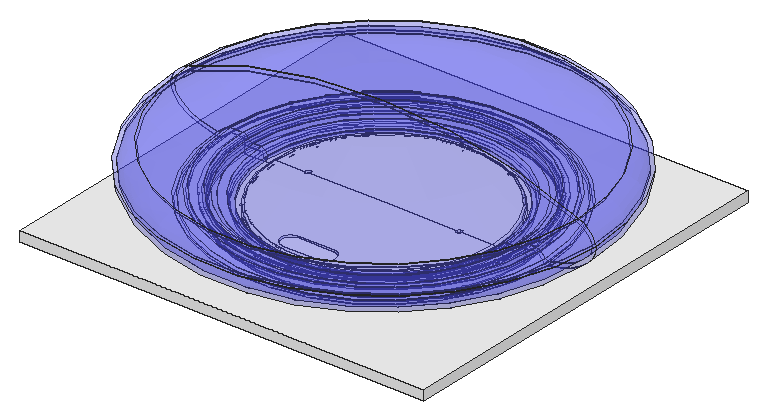
Revit family "BE_12163_de_DE", category Leuchten, Revit 2020
Family settings
  Basisbauteil = Fläche
  Bemaßung runder Anschluss = Durchmesser verwenden
  Teiletyp = Normal
  Beim Laden mit Abzugskörper schneiden = Ja
  Lichtquelle = Ja
  Gemeinsam genutzt = Nein
  Raumberechnungspunkt = Ja
Parameters (values of type "BEGA_12163_K3")
  built-in parameter 1150104 = 12.096 (stored number, unit not read)
  Wattage = 25.2 W
  Default Elevation = 0 mm
  built-in parameter 1150113 = 1 (stored number, unit not read)
  built-in parameter 1114218 = 1 (stored number, unit not read)
  Umgebungstemperatur = "25 °C"
  URL = "http://www.bega.de/de/produkt/12163"
  Typenkommentare = "© 2022 BEGA. Wir behalten uns das Recht vor, technische Änderungen ohne vorherige Ankündigung vorzunehmen."  # constant formula
  built-in parameter 1150134 = 12
  built-in parameter 1150109 = 1 (stored number, unit not read)
  Strom = ""
  built-in parameter 1150110 = 1 (stored number, unit not read)
  Spannung = 239.996 V
  Sonderanfertigung = no
  Seriennummer [instance] = "Hier können Sie die eindeutige Seriennummer für das Facility Management eintragen."
  Schutzklasse = "I"
  Schutzart = "IP 20"
  Scheinlast = 0 VA
  Produktdatenblatt = "http://www.bega.de/download/Xrfa/db/12163.db.de.pdf"
  Oberflächentemperatur = ""
  Neigungswinkel = 0.00°
  Model = "12163K4"
  Material_17 = BEGA_Reflektor
  Material_15 = BEGA_Leuchtmedium_matt
  Material_11 = BEGA_Glas_opal
  Material_09 = BEGA_Glas_klar
  Material_06 = BEGA_Oberfläche_Edelstahl_gebürstet
  Material_05 = BEGA_Oberfläche_Aluminium Guss
  Material_03 = BEGA_Oberfläche_Weiss_matt
  Material_02 = BEGA_Oberfläche_Silber_matt
  Material_01 [instance] = BEGA_Oberfläche_Grafit_matt
  M_W = no
  M_G = no
  M_A = no
  Logo = 0
  built-in parameter 1114217 = 1 (stored number, unit not read)
  built-in parameter 1150139 = (empty or 0)
  built-in parameter 1150105 = 945.39 (stored number, unit not read)
  built-in parameter 1150114 = 1 (stored number, unit not read)
  Lumens = 3281.04 lm
  built-in parameter 1150115 = 1 (stored number, unit not read)
  Leuchtenlichtstrom = "2205 lm"
  Leuchtenanzahl = ""
  Lebensdauerkriterien = "L70B50 @ 25 °C = 165000 h"
  Lastklassifizierung = Beleuchtung
  built-in parameter 1150112 = 1 (stored number, unit not read)
  Lampenlichtstrom = "3280 lm"
  Lamp = "LED 25.2 W"
  LED_Modulbezeichnung = "LED-0530/940"
  built-in parameter 1150142 = (empty or 0)
  Hersteller = "BEGA"  # constant formula
  Halbstreuwinkel = ""
  Gewicht = "5.1 kg"
  Gebrauchslageneinschränkung [instance] = ""
  Frequenz = "0/50-60 Hz"
  Farbwiedergabeindex = "CRI > 90"
  Farbtemperaturverschiebung bei Dämpfen der Lampe = <Keine Auswahl>
  Farbtemperatur = "4000 K"
  Color Filter = 16777215
  built-in parameter 1150133 = 10 (stored number, unit not read)
  Energieeffizienzklasse = "LED A++ - A"
  built-in parameter 1150137 = (empty or 0)
  built-in parameter 1150132 = (empty or 0)
  ENEC = "ja"
  Dimmbar [instance] = "DALI"
  Photometric Web File = "BE_12163K4.IES"
  CE_Konformität = "ja"
  Bestellnummer = "12163K4"
  Beschreibung_Sonderanfertigung = "Hier können Sie Informationen zur Sonderanfertigung eintragen."
  Beschreibung = "Decken- und Wandleuchte"
  built-in parameter 1150106 = 9.4539 (stored number, unit not read)
  Befestigungsbohrung = "Ø 5,5 mm"
  Befestigungsabstand = "150 mm"
  Ballwurfsicher = ""
  BEGA_Intern_aus = yes
  BEGA_Intern_an = yes
  BEGA_Intern_Konstruktion = yes
  BEGA_Intern = yes
  BEGA_IES = yes
  BEGA_Dummy = no
  Anschlussleitung = ""
  Anschlussleistung [instance] = "29.4 W"
  Anschlusskasten = ""
  built-in parameter 1150107 = 4000 (stored number, unit not read)
  built-in parameter 1150102 = (empty or 0)
  built-in parameter 1150138 = (empty or 0)
  Aktualisierung = "2019-07-05T04:00:16"
  Abstand_zur_angestrahlten_Fläche [instance] = ""
  AC/DC = "AC/DC"
Reference planes
  plane 1 "Mitte (Vorne/Hinten)": y = 0
  plane 2: z = 0
  plane 3 "Mitte (Links/Rechts)": x = 0
  plane 4 "Links": x = -210.215
  plane 5 "Rechts": x = 210.215
  plane 6 "Unten": y = -210.2
  plane 7 "Oben": y = 210.2
  plane 8 "Vorne": z = 97.74
  plane 9 "Hinten": z = 0
Forms (mm)
  Extrusion 1, solid, material "BEGA_Platte_Weiss"
    sketch origin (0, -1119.2, 0) x (1, 0, 0) y (0, 1, 0)
      loop
        line (-200, 1319.2) -> (-200, 919.2) -> (200, 919.2) -> (200, 1319.2) -> (-200, 1319.2)
    from 0 to -10
  Extrusion 2, solid, material "BEGA_Dummy_matt", visible <- "BEGA_Dummy"
    sketch origin (77.149, -76.023, 0) x (1, 0, 0) y (0, 1, 0)
      loop
        circle (-77.149, 76.023) r 210
    from 0 to 97.74
Dimensions and locks
  plane 1 "Mitte (Vorne/Hinten)" to Extrusion 1 = 200 mm
  aligned and locked: plane 2 to Extrusion 1
  aligned and locked: level to Extrusion 1
Nested families
  nested 1: "BE_12163" at (0, 0, 0), type "BE_12163"
Connectors
  electrical at (0, 0, 0), driven by "Lastklassifizierung", driven by "Spannung", driven by "Scheinlast"
    settings: index 1, voltage 239.996 V, apparent load 0 VA, apparent load phase1 0 VA, apparent load phase2 0 VA, apparent load phase3 0 VA, power factor 1, load classification "Beleuchtung", number of poles 1, system type 31, power factor state 1, is connector primary yes, connector utility no, sub classification motor no, connector description ""
Definition of nested family "BE_12163"
  Parameters (values of type "BE_12163")
    Default Elevation = 1 mm
    URL = "http://www.bega.de/de/produkt"
    Type Comments = "© 2015 BEGA. Wir behalten uns das Recht vor, technische Änderungen ohne vorherige Ankündigung vorzunehmen. "  # constant formula
    Type Image = (empty or 0)
    Neigungswinkel_um_Z2 = 0.00°
    Neigungswinkel_um_Z1 = 0.00°
    Neigungswinkel_um_Y2 = 0.00°
    Neigungswinkel_um_Y1 = 0.00°
    Neigungswinkel_um_X2 = 0.00°
    Neigungswinkel_um_X1 = 0.00°
    Material_17 = none
    Material_15 = none
    Material_11 = none
    Material_09 = none
    Material_06 = none
    Material_05 = none
    Material_03 = none
    Material_02 = none
    Material_01 = none
    M_W = yes
    M_G = yes
    M_A = yes
    Länge_Platte = 500 mm  # constant formula
    Höhe_Platte = -10 mm  # constant formula
    Manufacturer = "BEGA"  # constant formula
    Drehwinkel_um_Z2 = 0.00°
    Drehwinkel_um_Z1 = 0.00°
    Breite_Platte = 500 mm  # constant formula
  Reference planes
    plane 1 "Mitte (Oben/Unten)": y = 0
    plane 2: z = 0
    plane 3 "Mitte (Links/Rechts)": x = 0
    plane 4: x = -210.215
    plane 5: z = 97.74
    plane 6: x = 210.215
    plane 7: y = -210.2
    plane 8: y = 210.2
  Forms (mm)
    Extrusion 1, solid, detail levels medium
      sketch origin (0, 0, 0) x (1, 0, 0) y (0, 1, 0)
        loop
          line (-250, 250) -> (-250, -250) -> (250, -250) -> (250, 250) -> (-250, 250)
      from 0 to -10 <- "Höhe_Platte"
    Revolve 2, solid, material <- "Material_03", detail levels medium+fine
      sketch origin (0, 0, 0) x (1, 0, 0) y (0, 0, 1)
        loop
          arc (-139.675, 3.433) -> (-139.066, 2.062) -> (-137.676, 1.5) r 2
          line (-137.676, 1.5) -> (-110.724, 1.5)
          arc (-110.724, 1.5) -> (-109.334, 2.062) -> (-108.725, 3.433) r 2
          line (-108.725, 3.433) -> (-108.652, 5.534)
          arc (-108.652, 5.534) -> (-108.352, 6.215) -> (-107.665, 6.5) r 1
          line (-107.665, 6.5) -> (0, 6.5) -> (0, 7.75) -> (-107.894, 7.75)
          arc (-107.894, 7.75) -> (-109.284, 7.188) -> (-109.893, 5.817) r 2
          line (-109.893, 5.817) -> (-109.966, 3.713)
          arc (-109.966, 3.713) -> (-110.272, 3.03) -> (-110.966, 2.75) r 1
          line (-110.966, 2.75) -> (-137.434, 2.75)
          arc (-137.434, 2.75) -> (-138.129, 3.031) -> (-138.434, 3.716) r 1
          line (-138.434, 3.716) -> (-138.813, 14.567)
          arc (-138.813, 14.567) -> (-139.415, 15.932) -> (-140.794, 16.5) r 2
          line (-140.794, 16.5) -> (-144, 16.5) -> (-143.976, 15.25) -> (-140.811, 15.25)
          arc (-140.811, 15.25) -> (-140.291, 15.04) -> (-140.062, 14.526) r 0.75
          line (-140.062, 14.526) -> (-139.675, 3.433)
        axis (0, 1.5) -> (0, 16.5)
      angle from 0 to 360
    Revolve 3, solid, material <- "Material_03", detail levels medium+fine
      sketch origin (58.505, 36.446, 0) x (0.573577, -0.819152, 0) y (0, 0, 1)
        loop
          arc (-108.84, 2.037) -> (-105.568, 0.52) -> (-102, 0) r 12.498
          line (-102, 0) -> (-102, 2.037) -> (-108.84, 2.037)
        axis (-102, 0) -> (-102, 2.037)
      angle from 0 to 360
    Extrusion 4, void
      sketch origin (0, 0, 0) x (1, 0, 0) y (0, 1, 0)
        loop
          line (17, -83) -> (-17, -83)
          arc (-17, -83) -> (-27, -93) -> (-17, -103) r 10
          line (-17, -103) -> (17, -103)
          arc (17, -103) -> (27, -93) -> (17, -83) r 10
        loop
          circle (75, 0) r 2.75
        loop
          circle (-75, 0) r 2.75
      from 0 to 10
    Revolve 5, solid, material <- "Material_11", detail levels medium+fine
      sketch origin (0, 0, 0) x (1, 0, 0) y (0, 0, 1)
        loop
          spline (0, 97.74) -> (-16.977, 97.476) -> (-33.914, 96.685) -> (-50.773, 95.367) -> (-67.514, 93.528) -> (-84.099, 91.17) -> (-100.489, 88.3) -> (-116.646, 84.923) -> (-132.533, 81.048) -> (-148.112, 76.683) -> (-163.349, 71.839) -> (-178.207, 66.528) -> (-192.652, 60.76)
          spline (-192.652, 60.76) -> (-195.132, 59.634) -> (-197.461, 58.406) -> (-199.626, 57.083) -> (-201.618, 55.673) -> (-203.424, 54.183) -> (-205.035, 52.621) -> (-206.443, 50.994) -> (-207.641, 49.312) -> (-208.621, 47.584) -> (-209.38, 45.818) -> (-209.912, 44.024) -> (-210.215, 42.211)
          spline (-210.215, 42.211) -> (-210.188, 38.414) -> (-209.323, 34.644) -> (-207.632, 30.95) -> (-205.135, 27.379) -> (-201.867, 23.977) -> (-197.867, 20.789) -> (-193.19, 17.856) -> (-187.893, 15.215) -> (-182.047, 12.901) -> (-175.727, 10.943) -> (-169.014, 9.367) -> (-161.994, 8.193)
          arc (-161.994, 8.193) -> (-160.626, 8.319) -> (-159.458, 9.042) r 3
          line (-159.458, 9.042) -> (-152.885, 15.615)
          arc (-152.885, 15.615) -> (-151.912, 16.269) -> (-150.763, 16.5) r 3
          line (-150.763, 16.5) -> (-138.5, 16.5)
          arc (-138.5, 16.5) -> (-137.439, 16.061) -> (-137, 15) r 1.5
          line (-137, 15) -> (-137, 11.5)
          arc (-137, 11.5) -> (-136.561, 10.439) -> (-135.5, 10) r 1.5
          line (-135.5, 10) -> (-120.5, 10)
          arc (-120.5, 10) -> (-119.439, 9.561) -> (-119, 8.5) r 1.5
          line (-119, 8.5) -> (-119, 4.5) -> (-115, 4.5) -> (-115, 8.172)
          arc (-115, 8.172) -> (-116.816, 12.303) -> (-120.998, 14) r 6
          line (-120.998, 14) -> (-128.97, 14)
          arc (-128.97, 14) -> (-131.686, 14.806) -> (-133.527, 16.959) r 5
          arc (-133.527, 16.959) -> (-135.741, 19.538) -> (-139, 20.5) r 6
          line (-139, 20.5) -> (-151.596, 20.5)
          arc (-151.596, 20.5) -> (-153.51, 20.115) -> (-155.13, 19.027) r 5
          line (-155.13, 19.027) -> (-160.14, 14.016)
          arc (-160.14, 14.016) -> (-161.765, 12.927) -> (-163.684, 12.544) r 5
          spline (-163.684, 12.544) -> (-170.174, 13.748) -> (-176.352, 15.313) -> (-182.13, 17.213) -> (-187.422, 19.419) -> (-192.159, 21.886) -> (-196.273, 24.562) -> (-199.703, 27.395) -> (-202.414, 30.315) -> (-204.396, 33.254) -> (-205.665, 36.154) -> (-206.267, 38.995) -> (-206.237, 41.8)
          spline (-206.237, 41.8) -> (-206.016, 43.122) -> (-205.62, 44.455) -> (-205.04, 45.802) -> (-204.268, 47.16) -> (-203.3, 48.52) -> (-202.13, 49.87) -> (-200.759, 51.2) -> (-199.189, 52.494) -> (-197.429, 53.741) -> (-195.487, 54.927) -> (-193.372, 56.041) -> (-191.1, 57.074)
          spline (-191.1, 57.074) -> (-176.778, 62.792) -> (-162.045, 68.058) -> (-146.934, 72.86) -> (-131.482, 77.188) -> (-115.724, 81.03) -> (-99.696, 84.379) -> (-83.437, 87.225) -> (-66.983, 89.563) -> (-50.374, 91.387) -> (-33.648, 92.693) -> (-16.843, 93.478) -> (0, 93.74)
          line (0, 93.74) -> (0, 97.74)
        axis (0, 97.74) -> (0, 4.5)
      angle from 0 to 360
    Revolve 6, solid, material <- "Material_03", detail levels medium+fine
      sketch origin (36.446, -58.505, 0) x (-0.819152, -0.573577, 0) y (0, 0, 1)
        loop
          arc (-108.84, 2.037) -> (-105.568, 0.52) -> (-102, 0) r 12.498
          line (-102, 0) -> (-102, 2.037) -> (-108.84, 2.037)
        axis (-102, 0) -> (-102, 2.037)
      angle from 0 to 360
    Revolve 7, solid, material <- "Material_03", detail levels medium+fine
      sketch origin (-36.446, 58.505, 0) x (0.819152, 0.573577, 0) y (0, 0, 1)
        loop
          arc (-108.84, 2.037) -> (-105.568, 0.52) -> (-102, 0) r 12.498
          line (-102, 0) -> (-102, 2.037) -> (-108.84, 2.037)
        axis (-102, 0) -> (-102, 2.037)
      angle from 0 to 360
    Revolve 8, solid, material <- "Material_03", detail levels medium+fine
      sketch origin (-58.505, -36.446, 0) x (-0.573577, 0.819152, 0) y (0, 0, 1)
        loop
          arc (-108.84, 2.037) -> (-105.568, 0.52) -> (-102, 0) r 12.498
          line (-102, 0) -> (-102, 2.037) -> (-108.84, 2.037)
        axis (-102, 0) -> (-102, 2.037)
      angle from 0 to 360
  Cuts and joins
    Extrusion 4 cuts Revolve 2
    joined: Revolve 2, Revolve 3, Revolve 6, Revolve 7, Revolve 8
  Dimensions and locks
    equal spacing: Extrusion 1 sketch curve, plane 3 "Mitte (Links/Rechts)", Extrusion 1 sketch curve
    equal spacing: Extrusion 1 sketch curve, plane 1 "Mitte (Oben/Unten)", Extrusion 1 sketch curve
    "Länge_Platte": Extrusion 1 sketch curve to Extrusion 1 sketch curve
    "Breite_Platte": Extrusion 1 sketch curve to Extrusion 1 sketch curve
    aligned and locked: Extrusion 1 to plane 2
    aligned and locked: level to Extrusion 1
  Automatic sketch dimensions
    Revolve 2 sketch curve to plane 3 "Mitte (Links/Rechts)" = 0 mm  (x2)
    level to Revolve 2 sketch curve = 2.75 mm
    Revolve 2 sketch curve to Revolve 2 sketch curve = 0.241 mm  (x3)
    level to Revolve 2 sketch curve = 3.716 mm
    Revolve 2 sketch curve to Revolve 2 sketch curve = 0.758 mm
    level to Revolve 2 sketch curve = 14.567 mm
    Revolve 2 sketch curve to Revolve 2 sketch curve = 0.379 mm
    level to Revolve 2 sketch curve = 3.433 mm  (x2)
    Revolve 2 sketch curve to Revolve 2 sketch curve = 1.241 mm  (x2)
    level to Revolve 2 sketch curve = 14.526 mm
    Revolve 2 sketch curve to Revolve 2 sketch curve = 1.249 mm
    Revolve 2 sketch curve to Revolve 2 sketch curve = 0.732 mm
    Revolve 2 sketch curve to Revolve 2 sketch curve = 0.749 mm
    Revolve 2 sketch curve to Revolve 2 sketch curve = 0 mm  (x3)
    Revolve 2 sketch curve to Revolve 2 sketch curve = 3.165 mm
    level to Revolve 2 sketch curve = 1.5 mm
    Revolve 2 sketch curve to Revolve 2 sketch curve = 0.026 mm
    Revolve 2 sketch curve to Revolve 2 sketch curve = 1.347 mm
    Revolve 2 sketch curve to Revolve 2 sketch curve = 1.25 mm
    Revolve 2 sketch curve to Revolve 2 sketch curve = 0.23 mm  (x2)
    Revolve 2 sketch curve to Revolve 2 sketch curve = 26.71 mm
    level to Revolve 2 sketch curve = 5.534 mm
    Revolve 2 sketch curve to Revolve 2 sketch curve = 0.988 mm
    Revolve 2 sketch curve to Revolve 2 sketch curve = 0.034 mm
    Revolve 2 sketch curve to Revolve 2 sketch curve = 0.073 mm
    Revolve 2 sketch curve to Revolve 2 sketch curve = 0.012 mm
    level to Revolve 2 sketch curve = 5.817 mm
    Revolve 2 sketch curve to Revolve 2 sketch curve = 2.228 mm
    Revolve 2 sketch curve to Revolve 2 sketch curve = 0.25 mm  (x2)
    level to Revolve 2 sketch curve = 3.713 mm
    Revolve 2 sketch curve to Revolve 2 sketch curve = 0.999 mm
    Revolve 2 sketch curve to Revolve 2 sketch curve = 0.024 mm
    Revolve 3 sketch curve to Revolve 3 sketch curve = 6.839 mm
    Revolve 3 sketch curve to Revolve 3 sketch curve = 6.84 mm
    Revolve 3 sketch curve to Revolve 3 sketch curve = 0 mm
    Revolve 3 sketch curve to Revolve 3 sketch curve = 0.59 mm
    Revolve 3 sketch curve to Revolve 3 sketch curve = 1.463 mm
    Revolve 3 sketch curve to Revolve 3 sketch curve = 2.037 mm
    Revolve 5 sketch curve to Revolve 5 sketch curve = 0 mm  (x20)
    Revolve 5 sketch curve to Revolve 5 sketch curve = 2.105 mm
    Revolve 5 sketch curve to Revolve 5 sketch curve = 1.438 mm
    Revolve 5 sketch curve to Revolve 5 sketch curve = 5.01 mm
    Revolve 5 sketch curve to Revolve 5 sketch curve = 2.245 mm
    Revolve 5 sketch curve to Revolve 5 sketch curve = 3.534 mm
    Revolve 5 sketch curve to Revolve 5 sketch curve = 1.299 mm
    Revolve 5 sketch curve to Revolve 5 sketch curve = 0.822 mm
    Revolve 5 sketch curve to Revolve 5 sketch curve = 0.828 mm
    Revolve 5 sketch curve to Revolve 5 sketch curve = 11.763 mm
    Revolve 5 sketch curve to Revolve 5 sketch curve = 0.5 mm  (x3)
    Revolve 5 sketch curve to Revolve 5 sketch curve = 3.5 mm  (x2)
    Revolve 5 sketch curve to Revolve 5 sketch curve = 6.53 mm
    Revolve 5 sketch curve to Revolve 5 sketch curve = 0.007 mm
    Revolve 5 sketch curve to Revolve 5 sketch curve = 7.972 mm
    Revolve 5 sketch curve to Revolve 5 sketch curve = 0.498 mm
    Revolve 5 sketch curve to Revolve 5 sketch curve = 1.998 mm
    Revolve 5 sketch curve to Revolve 5 sketch curve = 4 mm  (x2)
    Revolve 5 sketch curve to plane 3 "Mitte (Links/Rechts)" = 0 mm
    level to Revolve 5 sketch curve = 4.5 mm
    Revolve 5 sketch curve to Revolve 5 sketch curve = 3.672 mm
    level to Revolve 5 sketch curve = 11.164 mm
    Revolve 5 sketch curve to Revolve 5 sketch curve = 2.5 mm
    Revolve 5 sketch curve to Revolve 5 sketch curve = 1.38 mm
    Revolve 5 sketch curve to Revolve 5 sketch curve = 2.336 mm
    Revolve 5 sketch curve to Revolve 5 sketch curve = 2.853 mm
    Revolve 5 sketch curve to Revolve 5 sketch curve = 3 mm
    Revolve 5 sketch curve to Revolve 5 sketch curve = 2 mm
    Revolve 5 sketch curve to Revolve 5 sketch curve = 0.115 mm
    Revolve 5 sketch curve to Revolve 5 sketch curve = 5 mm
    Revolve 5 sketch curve to Revolve 5 sketch curve = 3.412 mm
    level to Revolve 5 sketch curve = 41.8 mm
    Revolve 5 sketch curve to Revolve 5 sketch curve = 15.274 mm
    Revolve 5 sketch curve to Revolve 5 sketch curve = 3.979 mm
    Revolve 5 sketch curve to Revolve 5 sketch curve = 0.076 mm
    Revolve 5 sketch curve to Revolve 5 sketch curve = 0.015 mm
    Revolve 5 sketch curve to level = 131.225 mm
    Revolve 5 sketch curve to Revolve 5 sketch curve = 138.928 mm
    Revolve 5 sketch curve to Revolve 5 sketch curve = 3.547 mm
    Revolve 5 sketch curve to Revolve 5 sketch curve = 1.552 mm
    Revolve 5 sketch curve to Revolve 5 sketch curve = 0.415 mm
    Revolve 5 sketch curve to Revolve 5 sketch curve = 2.537 mm
    Revolve 5 sketch curve to Revolve 5 sketch curve = 6.295 mm
    Revolve 5 sketch curve to Revolve 5 sketch curve = 1.5 mm  (x2)
    Revolve 5 sketch curve to plane 3 "Mitte (Links/Rechts)" = 0.001 mm
    Revolve 5 sketch curve to Revolve 5 sketch curve = 0.969 mm
    Revolve 5 sketch curve to Revolve 5 sketch curve = 2.971 mm
    Revolve 5 sketch curve to Revolve 5 sketch curve = 1.39 mm
    Revolve 2 sketch curve to plane 3 "Mitte (Links/Rechts)" = 107.653 mm
    Revolve 5 sketch curve to plane 3 "Mitte (Links/Rechts)" = 115 mm
    Revolve 5 sketch curve to Revolve 5 sketch curve = 27.416 mm
    Revolve 5 sketch curve to Revolve 5 sketch curve = 15.137 mm
    Revolve 5 sketch curve to Revolve 5 sketch curve = 21.292 mm
    level to Revolve 5 sketch curve = 93.74 mm
    Revolve 5 sketch curve to Revolve 5 sketch curve = 17.139 mm
    plane 1 "Mitte (Oben/Unten)" to Extrusion 4 sketch curve = 0 mm  (x2)
    Extrusion 4 sketch curve to plane 3 "Mitte (Links/Rechts)" = 75 mm
    Extrusion 4 sketch curve to plane 3 "Mitte (Links/Rechts)" = 17 mm
    plane 3 "Mitte (Links/Rechts)" to Extrusion 4 sketch curve = 17 mm
    plane 3 "Mitte (Links/Rechts)" to Extrusion 4 sketch curve = 75 mm
    plane 1 "Mitte (Oben/Unten)" to Extrusion 4 sketch curve = 83 mm
    Extrusion 4 sketch curve to Extrusion 4 sketch curve = 10 mm
    Revolve 6 sketch curve to Revolve 6 sketch curve = 6.839 mm
    Revolve 6 sketch curve to Revolve 6 sketch curve = 6.84 mm
    Revolve 6 sketch curve to Revolve 6 sketch curve = 0 mm
    Revolve 6 sketch curve to Revolve 6 sketch curve = 0.59 mm
    Revolve 6 sketch curve to Revolve 6 sketch curve = 1.463 mm
    Revolve 6 sketch curve to Revolve 6 sketch curve = 2.037 mm
    Revolve 7 sketch curve to Revolve 7 sketch curve = 6.839 mm
    Revolve 7 sketch curve to Revolve 7 sketch curve = 6.84 mm
    Revolve 7 sketch curve to Revolve 7 sketch curve = 0 mm
    Revolve 7 sketch curve to Revolve 7 sketch curve = 0.59 mm
    Revolve 7 sketch curve to Revolve 7 sketch curve = 1.463 mm
    Revolve 7 sketch curve to Revolve 7 sketch curve = 2.037 mm
    Revolve 8 sketch curve to Revolve 8 sketch curve = 6.839 mm
    Revolve 8 sketch curve to Revolve 8 sketch curve = 6.84 mm
    Revolve 8 sketch curve to Revolve 8 sketch curve = 0 mm
    Revolve 8 sketch curve to Revolve 8 sketch curve = 0.59 mm
    Revolve 8 sketch curve to Revolve 8 sketch curve = 1.463 mm
    Revolve 8 sketch curve to Revolve 8 sketch curve = 2.037 mm
    Revolve 3 sketch curve to level = 0 mm
    level to Revolve 6 sketch curve = 0 mm
    Revolve 7 sketch curve to level = 0 mm
    level to Revolve 8 sketch curve = 0 mm
    radius of Extrusion 4 sketch curve = 2.75 mm  (x2)
